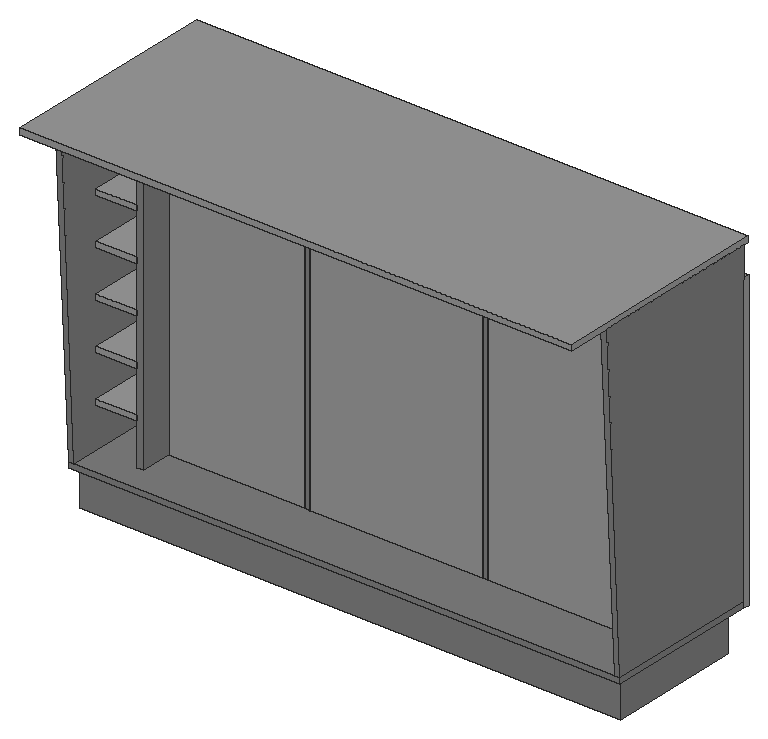
Revit family "BM0006781_Barra Savona", category Furniture, Revit 2019
Family settings
  OmniClass Number = 23.40.20.00
  OmniClass Title = General Furniture and Specialties
  Work Plane-Based = No
  Always vertical = Yes
  Cut with Voids When Loaded = No
  Shared = No
  Room Calculation Point = No
Parameters
  URL = "https://corona.co/productos/muebles-para-cocinas/barra-savona/p/BM0006781"
  Resistencia a la humedad = "Resistencia a la humedad"  # constant formula
  Referencia = "BM0006781"  # constant formula
  Profundidad = 600 mm
  Peso Neto aproximado = "66,4 kg"  # constant formula
  Material = Corona_Madera_Coñac
  Description = "La mejor opción para ampliar la cocina e integrarla al\r\nárea social, práctico mueble que hace juego con la cocina\r\ny alacena SAVONA, puede ser utilizada como comedor auxiliar\r\no principal, además cuenta con amplios gabinetes y repisas\r\nque incrementan la capacidad de almacenamiento y un práctico espacio para organizar las botellas de vino"  # constant formula
  Densidad = "15 mm 670 kg./m^3"  # constant formula
  Carga máxima = "66,8 kg"  # constant formula
  Ancho = 1500 mm
  Alto = 1000 mm
Reference planes
  plane 1 "Center (Front/Back)": y = 0
  plane 2: z = 0
  plane 3 "Center (Left/Right)": x = 0
  plane 4: y = 156.22
  plane 5: y = -600
  plane 6: x = 750
  plane 7: x = -750
  plane 8: z = 100.5
  plane 9: z = 1000
  plane 10: z = 985
  plane 11: z = 115.5
  plane 12: x = -735
  plane 13: x = 735
  plane 14: y = -50
  plane 15: y = -416
  plane 16: y = -15
  plane 17: x = -622
  plane 18: x = -602
  plane 19: x = -232
  plane 20: x = -217.511
  plane 21: x = 251.489
  plane 22: x = 266.489
  plane 23: y = -436
  plane 24: y = -365
  plane 25: y = -280
  plane 26: y = -265
  plane 27: z = 228.5
  plane 28: z = 243.5
  plane 29: z = 356.5
  plane 30: z = 371.5
  plane 31: z = 484.5
  plane 32: z = 499.5
  plane 33: z = 612.5
  plane 34: z = 627.5
  plane 35: z = 740.5
  plane 36: z = 755.5
  plane 37: z = 905
  plane 38: z = 845
  plane 39: x = 258.989
  plane 40: x = -224.5
Forms (mm)
  Extrusion 1, solid, material "Corona_Madera_Taupe", detail levels medium+fine
    sketch origin (0, 0, 0) x (1, 0, 0) y (0, 1, 0)
      loop
        line (-735, -50) -> (-735, -416) -> (735, -416) -> (735, -50) -> (-735, -50)
    from 0 to 100.5
  Extrusion 2, solid, material "Corona_Madera_Taupe", detail levels medium+fine
    sketch origin (0, 0, 0) x (1, 0, 0) y (0, 1, 0)
      loop
        line (-750, -15) -> (-750, -436) -> (750, -436) -> (750, -15) -> (-750, -15)
    from 100.5 to 115.5
  Extrusion 3, solid, material "Corona_Madera_Coñac", detail levels medium+fine
    sketch origin (0, 0, 0) x (1, 0, 0) y (0, 1, 0)
      loop
        line (258.989, 0) -> (258.989, -15) -> (750, -15) -> (750, 0) -> (258.989, 0)
    from 100.5 to 905
  Extrusion 4, solid, material "Corona_Madera_Taupe", detail levels medium+fine
    sketch origin (0, 0, 0) x (0, 1, 0) y (0, 0, 1)
      loop
        line (-481.569, 985) -> (-436, 115.5) -> (-15, 115.5) -> (-15, 985) -> (-481.569, 985)
    from 735 to 750
  Extrusion 5, solid, material "Corona_Madera_Taupe", detail levels medium+fine
    sketch origin (-1485, 0, 0) x (0, 1, 0) y (0, 0, 1)
      loop
        line (-481.569, 985) -> (-436, 115.5) -> (-15, 115.5) -> (-15, 985) -> (-481.569, 985)
    from 735 to 750
  Extrusion 6, solid, material "Corona_Madera_Coñac", detail levels medium+fine
    sketch origin (0, 0, 0) x (1, 0, 0) y (0, 1, 0)
      loop
        line (-750, 0) -> (-750, -600) -> (750, -600) -> (750, 0) -> (-750, 0)
    from 985 to 1000
  Extrusion 7, solid, material "Corona_Madera_Taupe", detail levels medium+fine
    sketch origin (0, 0, 0) x (1, 0, 0) y (0, 1, 0)
      loop
        line (-622, -15) -> (-622, -365) -> (-602, -365) -> (-602, -15) -> (-622, -15)
    from 115.5 to 985
  Extrusion 8, solid, material "Corona_Madera_Coñac", detail levels medium+fine
    sketch origin (0, 0, 0) x (1, 0, 0) y (0, 0, 1)
      loop
        line (-735, 243.5) -> (-735, 228.5) -> (-622, 228.5) -> (-622, 243.5) -> (-735, 243.5)
    from 15 to 365
  Extrusion 9, solid, material "Corona_Madera_Coñac", detail levels medium+fine
    sketch origin (0, 0, 128) x (1, 0, 0) y (0, 0, 1)
      loop
        line (-735, 243.5) -> (-735, 228.5) -> (-622, 228.5) -> (-622, 243.5) -> (-735, 243.5)
    from 15 to 365
  Extrusion 10, solid, material "Corona_Madera_Coñac", detail levels medium+fine
    sketch origin (0, 0, 256) x (1, 0, 0) y (0, 0, 1)
      loop
        line (-735, 243.5) -> (-735, 228.5) -> (-622, 228.5) -> (-622, 243.5) -> (-735, 243.5)
    from 15 to 365
  Extrusion 11, solid, material "Corona_Madera_Coñac", detail levels medium+fine
    sketch origin (0, 0, 384) x (1, 0, 0) y (0, 0, 1)
      loop
        line (-735, 243.5) -> (-735, 228.5) -> (-622, 228.5) -> (-622, 243.5) -> (-735, 243.5)
    from 15 to 365
  Extrusion 12, solid, material "Corona_Madera_Coñac", detail levels medium+fine
    sketch origin (0, 0, 512) x (1, 0, 0) y (0, 0, 1)
      loop
        line (-735, 243.5) -> (-735, 228.5) -> (-622, 228.5) -> (-622, 243.5) -> (-735, 243.5)
    from 15 to 365
  Extrusion 13, solid, material "Corona_Madera_Coñac", detail levels medium+fine
    sketch origin (0, 0, 0) x (1, 0, 0) y (0, 1, 0)
      loop
        line (-602, -265) -> (-602, -280) -> (-232, -280) -> (-232, -265) -> (-602, -265)
    from 115.5 to 985
  Extrusion 14, solid, material "Corona_Madera_Coñac", detail levels medium+fine
    sketch origin (384.489, 0, 0) x (1, 0, 0) y (0, 1, 0)
      loop
        line (-602, -265) -> (-602, -280) -> (-133, -280) -> (-133, -265) -> (-602, -265)
    from 115.5 to 985
  Extrusion 15, solid, material "Corona_Madera_Coñac", detail levels medium+fine
    sketch origin (868.489, 0, 0) x (1, 0, 0) y (0, 1, 0)
      loop
        line (-602, -265) -> (-602, -280) -> (-133.489, -280) -> (-133.489, -265) -> (-602, -265)
    from 115.5 to 985
  Extrusion 16, solid, material "Corona_Madera_Taupe", detail levels medium+fine
    sketch origin (0, 0, 0) x (1, 0, 0) y (0, 1, 0)
      loop
        line (-232, -15) -> (-232, -280) -> (-217.511, -280) -> (-217.511, -15) -> (-232, -15)
    from 115.5 to 985
  Extrusion 17, solid, material "Corona_Madera_Taupe", detail levels medium+fine
    sketch origin (484, 0, 0) x (1, 0, 0) y (0, 1, 0)
      loop
        line (-232, -15) -> (-232, -280) -> (-217.511, -280) -> (-217.511, -15) -> (-232, -15)
    from 115.5 to 985
  Extrusion 18, solid, material "Corona_Madera_Taupe", detail levels medium+fine
    sketch origin (0, -30, 744.5) x (1, 0, 0) y (0, 1, 0)
      loop
        line (266.489, 0) -> (266.489, -15) -> (735, -15) -> (735, 0) -> (266.489, 0)
    from 115.5 to 240.5
  Extrusion 19, solid, material "Corona_Madera_Taupe", detail levels medium+fine
    sketch origin (-484, -30, 744.5) x (1, 0, 0) y (0, 1, 0)
      loop
        line (266.489, 0) -> (266.489, -15) -> (735, -15) -> (735, 0) -> (266.489, 0)
    from 115.5 to 240.5
  Extrusion 20, solid, material "Corona_Madera_Taupe", detail levels medium+fine
    sketch origin (-868.489, -30, 744.5) x (1, 0, 0) y (0, 1, 0)
      loop
        line (266.489, 0) -> (266.489, -15) -> (636.489, -15) -> (636.489, 0) -> (266.489, 0)
    from 115.5 to 240.5
  Extrusion 21, solid, material "Corona_Madera_Coñac", detail levels medium+fine
    sketch origin (517.978, 0, 0) x (-1, 0, 0) y (0, -1, 0)
      loop
        line (258.989, 0) -> (742.478, 0) -> (742.478, 15) -> (258.989, 15) -> (258.989, 0)
    from 100.5 to 905
  Extrusion 22, solid, material "Corona_Madera_Coñac", detail levels medium+fine
    sketch origin (34.489, 0, 0) x (-1, 0, 0) y (0, -1, 0)
      loop
        line (258.989, 0) -> (656.489, 0) -> (656.489, 15) -> (258.989, 15) -> (258.989, 0)
    from 100.5 to 905
  Extrusion 23, solid, material "Corona_Madera_Taupe", detail levels medium+fine
    sketch origin (-363.011, 0, 0) x (-1, 0, 0) y (0, -1, 0)
      loop
        line (258.989, 0) -> (386.989, 0) -> (386.989, 15) -> (258.989, 15) -> (258.989, 0)
    from 100.5 to 985
  Extrusion 24, solid, material "Cubo", detail levels coarse
    sketch origin (0, 0, 0) x (1, 0, 0) y (0, 1, 0)
      loop
        line (-750, 0) -> (-750, -600) -> (750, -600) -> (750, 0) -> (-750, 0)
    from 0 to 1000
Dimensions and locks
  "Profundidad": plane 5 to plane 1 "Center (Front/Back)"
  equal spacing: plane 7, plane 3 "Center (Left/Right)", plane 6
  "Ancho": plane 7 to plane 6
  plane 8 to level = 100.5 mm
  "Alto": plane 9 to level
  plane 9 to plane 8 = 899.5 mm
  plane 18 to plane 19 = 370 mm
  plane 20 to plane 21 = 469 mm
  plane 12 to plane 17 = 113 mm
  plane 22 to plane 13 = 468.511 mm
  aligned and locked: level to plane 2
Automatic sketch dimensions
  Extrusion 1 sketch curve to plane 12 = 0 mm
  Extrusion 1 sketch curve to plane 13 = 0 mm
  plane 15 to Extrusion 1 sketch curve = 0 mm
  plane 14 to Extrusion 1 sketch curve = 0 mm
  Extrusion 2 sketch curve to plane 7 = 0 mm
  Extrusion 2 sketch curve to plane 6 = 0 mm
  plane 23 to Extrusion 2 sketch curve = 0 mm
  plane 16 to Extrusion 2 sketch curve = 0 mm
  plane 16 to Extrusion 3 sketch curve = 0 mm
  Extrusion 3 sketch curve to plane 39 = 0 mm
  Extrusion 3 sketch curve to plane 6 = 0 mm
  plane 1 "Center (Front/Back)" to Extrusion 3 sketch curve = 0 mm
  Extrusion 4 sketch curve to plane 10 = 0 mm
  Extrusion 4 sketch curve to plane 11 = 0 mm
  Extrusion 4 sketch curve to plane 23 = 0 mm
  Extrusion 4 sketch curve to plane 16 = 0 mm
  plane 23 to Extrusion 4 sketch curve = 45.569 mm
  Extrusion 5 sketch curve to plane 10 = 0 mm
  Extrusion 5 sketch curve to plane 11 = 0 mm
  Extrusion 5 sketch curve to plane 23 = 0 mm
  Extrusion 5 sketch curve to plane 16 = 0 mm
  plane 23 to Extrusion 5 sketch curve = 45.569 mm
  plane 5 to Extrusion 6 sketch curve = 0 mm
  Extrusion 6 sketch curve to plane 7 = 0 mm
  Extrusion 6 sketch curve to plane 6 = 0 mm
  plane 1 "Center (Front/Back)" to Extrusion 6 sketch curve = 0 mm
  Extrusion 7 sketch curve to plane 17 = 0 mm
  Extrusion 7 sketch curve to plane 18 = 0 mm
  plane 24 to Extrusion 7 sketch curve = 0 mm
  plane 16 to Extrusion 7 sketch curve = 0 mm
  plane 12 to Extrusion 8 sketch curve = 0 mm
  plane 17 to Extrusion 8 sketch curve = 0 mm
  Extrusion 8 sketch curve to plane 27 = 0 mm
  Extrusion 8 sketch curve to plane 28 = 0 mm
  plane 12 to Extrusion 9 sketch curve = 0 mm
  plane 17 to Extrusion 9 sketch curve = 0 mm
  Extrusion 9 sketch curve to plane 29 = 0 mm
  Extrusion 9 sketch curve to plane 30 = 0 mm
  plane 12 to Extrusion 10 sketch curve = 0 mm
  plane 17 to Extrusion 10 sketch curve = 0 mm
  Extrusion 10 sketch curve to plane 31 = 0 mm
  Extrusion 10 sketch curve to plane 32 = 0 mm
  plane 12 to Extrusion 11 sketch curve = 0 mm
  plane 17 to Extrusion 11 sketch curve = 0 mm
  Extrusion 11 sketch curve to plane 33 = 0 mm
  Extrusion 11 sketch curve to plane 34 = 0 mm
  plane 12 to Extrusion 12 sketch curve = 0 mm
  plane 17 to Extrusion 12 sketch curve = 0 mm
  Extrusion 12 sketch curve to plane 35 = 0 mm
  Extrusion 12 sketch curve to plane 36 = 0 mm
  Extrusion 13 sketch curve to plane 18 = 0 mm
  Extrusion 13 sketch curve to plane 19 = 0 mm
  plane 25 to Extrusion 13 sketch curve = 0 mm
  plane 26 to Extrusion 13 sketch curve = 0 mm
  Extrusion 14 sketch curve to plane 20 = 0 mm
  Extrusion 14 sketch curve to plane 21 = 0 mm
  plane 25 to Extrusion 14 sketch curve = 0 mm
  plane 26 to Extrusion 14 sketch curve = 0 mm
  Extrusion 15 sketch curve to plane 22 = 0 mm
  Extrusion 15 sketch curve to plane 13 = 0 mm
  plane 25 to Extrusion 15 sketch curve = 0 mm
  plane 26 to Extrusion 15 sketch curve = 0 mm
  Extrusion 16 sketch curve to plane 19 = 0 mm
  Extrusion 16 sketch curve to plane 20 = 0 mm
  plane 25 to Extrusion 16 sketch curve = 0 mm
  plane 16 to Extrusion 16 sketch curve = 0 mm
  plane 25 to Extrusion 17 sketch curve = 0 mm
  plane 16 to Extrusion 17 sketch curve = 0 mm
  Extrusion 17 sketch curve to plane 22 = 0 mm
  Extrusion 17 sketch curve to plane 21 = 0.511 mm
  Extrusion 18 sketch curve to plane 22 = 0 mm
  Extrusion 18 sketch curve to plane 13 = 0 mm
  Extrusion 18 sketch curve to plane 14 = 5 mm
  Extrusion 18 sketch curve to Extrusion 18 sketch curve = 15 mm
  Extrusion 19 sketch curve to plane 20 = 0 mm
  plane 21 to Extrusion 19 sketch curve = 0.489 mm
  Extrusion 19 sketch curve to plane 14 = 5 mm
  Extrusion 19 sketch curve to Extrusion 19 sketch curve = 15 mm
  Extrusion 20 sketch curve to plane 18 = 0 mm
  Extrusion 20 sketch curve to plane 19 = 0 mm
  Extrusion 20 sketch curve to plane 14 = 5 mm
  Extrusion 20 sketch curve to Extrusion 20 sketch curve = 15 mm
  plane 16 to Extrusion 21 sketch curve = 0 mm
  Extrusion 21 sketch curve to plane 39 = 0 mm
  Extrusion 21 sketch curve to plane 40 = 0 mm
  plane 1 "Center (Front/Back)" to Extrusion 21 sketch curve = 0 mm
  plane 16 to Extrusion 22 sketch curve = 0 mm
  Extrusion 22 sketch curve to plane 40 = 0 mm
  Extrusion 22 sketch curve to plane 17 = 0 mm
  plane 1 "Center (Front/Back)" to Extrusion 22 sketch curve = 0 mm
  plane 16 to Extrusion 23 sketch curve = 0 mm
  Extrusion 23 sketch curve to plane 17 = 0 mm
  Extrusion 23 sketch curve to plane 7 = 0 mm
  plane 1 "Center (Front/Back)" to Extrusion 23 sketch curve = 0 mm
  plane 5 to Extrusion 24 sketch curve = 0 mm
  Extrusion 24 sketch curve to plane 7 = 0 mm
  Extrusion 24 sketch curve to plane 6 = 0 mm
  plane 1 "Center (Front/Back)" to Extrusion 24 sketch curve = 0 mm
Nested families
  nested 1: "Family10" at (-750, -600, 0), type "Family10", detail levels coarse
  nested 2: "Family11" at (-750, 0, 0) x (1, 0, 0) z (0, -1, 0), type "Family11", detail levels coarse
  nested 3: "Family12" at (0, -600, 0) x (0, 1, 0) z (1, 0, 0), type "Family12"
  nested 4: "Family13" at (-750, 0, 0) x (-1, 0, 0) z (0, -1, 0), type "Family13", detail levels coarse
Definition of nested family "Family10"
  Reference planes
    plane 1 "Center (Front/Back)": y = 0
    plane 2: z = 0
    plane 3 "Center (Left/Right)": x = 0
  Lines and regions (mm)
    detail lines, in view "Ref. Level"
      curve 1: line (0, 0, 0) -> (1500, 0, 0)
      curve 2: line (0, 600, 0) -> (0, 0, 0)
      curve 3: line (1500, 600, 0) -> (0, 600, 0)
      curve 4: line (1500, 0, 0) -> (1500, 600, 0)
Definition of nested family "Family11"
  Reference planes
    plane 1 "Center (Front/Back)": y = 0
    plane 2: z = 0
    plane 3 "Center (Left/Right)": x = 0
  Lines and regions (mm)
    detail lines, in view "Ref. Level"
      curve 1: line (0, 101, 0) -> (1500, 101, 0)
      curve 2: line (1500, 101, 0) -> (1500, 1000, 0)
      curve 3: line (1500, 1000, 0) -> (0, 1000, 0)
      curve 4: line (0, 1000, 0) -> (0, 101, 0)
      curve 5: line (1500, 985, 0) -> (0, 985, 0)
      curve 6: line (15, 985, 0) -> (15, 116, 0)
      curve 7: line (15, 116, 0) -> (1500, 116, 0)
      curve 8: line (1485, 116, 0) -> (1485, 985, 0)
      curve 9: line (1016, 116, 0) -> (1016, 985, 0)
      curve 10: line (1001, 116, 0) -> (1001, 985, 0)
      curve 11: line (532, 116, 0) -> (532, 985, 0)
      curve 12: line (517, 116, 0) -> (517, 985, 0)
      curve 13: line (147, 116, 0) -> (147, 985, 0)
      curve 14: line (128, 116, 0) -> (128, 985, 0)
      curve 15: line (15, 101, 0) -> (15, 0, 0)
      curve 16: line (1485, 101, 0) -> (1485, 0, 0)
      curve 17: line (1485, 0, 0) -> (15, 0, 0)
      curve 18: line (15, 229, 0) -> (128, 229, 0)
      curve 19: line (15, 244, 0) -> (128, 244, 0)
      curve 20: line (15, 355, 0) -> (128, 355, 0)
      curve 21: line (15, 370, 0) -> (128, 370, 0)
      curve 22: line (15, 481, 0) -> (128, 481, 0)
      curve 23: line (15, 496, 0) -> (128, 496, 0)
      curve 24: line (15, 607, 0) -> (128, 607, 0)
      curve 25: line (15, 622, 0) -> (128, 622, 0)
      curve 26: line (15, 733, 0) -> (128, 733, 0)
      curve 27: line (15, 748, 0) -> (128, 748, 0)
Definition of nested family "Family12"
  Reference planes
    plane 1 "Center (Front/Back)": y = 0
    plane 2: z = 0
    plane 3 "Center (Left/Right)": x = 0
  Lines and regions (mm)
    detail lines, in view "Ref. Level"
      curve 1: line (163.22, 100, 0) -> (600, 100, 0)
      curve 2: line (600, 100, 0) -> (600, 1000, 0)
      curve 3: line (600, 1000, 0) -> (0, 1000, 0)
      curve 4: line (0, 1000, 0) -> (0, 985, 0)
      curve 5: line (600, 985, 0) -> (0, 985, 0)
      curve 6: line (585, 115, 0) -> (585, 985, 0)
      curve 7: line (600, 100, 0) -> (550, 100, 0)
      curve 8: line (550, 100, 0) -> (550, 0, 0)
      curve 9: line (550, 0, 0) -> (184, 0, 0)
      curve 10: line (184, 0, 0) -> (184, 100, 0)
      curve 11: line (118, 985, 0) -> (163.22, 115, 0)
      curve 12: line (163.22, 115, 0) -> (600, 115, 0)
      curve 13: line (163.22, 115, 0) -> (163.22, 100, 0)
Definition of nested family "Family13"
  Reference planes
    plane 1 "Center (Front/Back)": y = 0
    plane 2: z = 0
    plane 3 "Center (Left/Right)": x = 0
  Lines and regions (mm)
    detail lines, in view "Ref. Level"
      curve 1: line (0, 1000, 0) -> (0, 101, 0)
      curve 2: line (0, 101, 0) -> (-1500, 101, 0)
      curve 3: line (-1500, 101, 0) -> (-1500, 1000, 0)
      curve 4: line (-1500, 1000, 0) -> (0, 1000, 0)
      curve 5: line (-1500, 985, 0) -> (0, 985, 0)
      curve 6: line (-15, 985, 0) -> (-15, 116, 0)
      curve 7: line (-15, 116, 0) -> (-1500, 116, 0)
      curve 8: line (-1016, 905, 0) -> (-1016, 985, 0)
      curve 9: line (-1001, 905, 0) -> (-1001, 985, 0)
      curve 10: line (-532, 905, 0) -> (-532, 985, 0)
      curve 11: line (-517, 905, 0) -> (-517, 985, 0)
      curve 12: line (-147, 116, 0) -> (-147, 985, 0)
      curve 13: line (-15, 101, 0) -> (-15, 0, 0)
      curve 14: line (-1485, 101, 0) -> (-1485, 0, 0)
      curve 15: line (-1485, 0, 0) -> (-15, 0, 0)
      curve 16: line (-1500, 905, 0) -> (-1008.5, 905, 0)
      curve 17: line (-1485, 905, 0) -> (-1485, 985, 0)
      curve 18: line (-1008.5, 905, 0) -> (-147, 905, 0)
      curve 19: line (-1008.5, 116, 0) -> (-1008.5, 905, 0)
      curve 20: line (-524.5, 116, 0) -> (-524.5, 905, 0)
